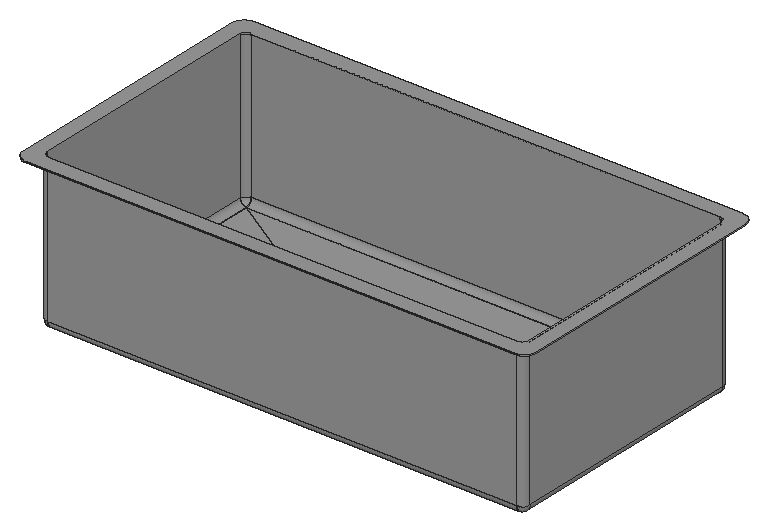
Revit family "BUILDMAT-SNA01007-Marissa-810-Stainless-Steel", category Plumbing Fixtures, host Face, Revit 2020
Family settings
  Host = Face
  Round Connector Dimension = Use Diameter
  Part Type = Normal
  Cut with Voids When Loaded = No
  Shared = No
  Room Calculation Point = No
Parameters (values of type "Marissa 810x450x250mm")
  Width = 760.0 mm
  Undermount [instance] = 0.0 mm
  URL = "https://www.buildmat.com.au/products/810x450x230-single-bowl-sink"
  Side Sound Pad = yes
  Side Brackets = yes
  Model = "SNA01007"  # constant formula
  Middle Sound Pad = no
  Middle Bracket = yes
  Manufacturer URL = "https://www.buildmat.com.au/"
  Manufacturer = "BUILDMAT"  # constant formula
  Length = 400.0 mm
  Description = "BUILDMAT - Marissa 810x450 XLarge Single Bowl Sink"  # constant formula
  Depth = 250.0 mm
  Default Elevation = 1219.2 mm
  Created By URL = "https://www.buildmat.com.au/"
  Created By = "BUILDMAT"  # constant formula
  Created = "22.06.2022"  # constant formula
  Material = BUILDMAT Stainless Steel
Reference planes
  plane 1 "Center (Front/Back)": y = 0
  plane 2: z = 0
  plane 3 "Center (Left/Right)": x = 0
  plane 4 "Top Substrate": z = 0
  plane 5 "Left": x = -380
  plane 6 "Right": x = 380
  plane 7 "Back": y = 200
  plane 8 "Front": y = -200
  plane 9: x = -405
  plane 10: x = 405
  plane 11: y = -225
  plane 12: y = 225
  plane 13 "Bottom Void": z = -250
  plane 14: z = 1.5
  plane 15: x = -381.5
  plane 16: y = -201.5
  plane 17: x = 381.5
  plane 18: y = 201.5
  plane 19: z = -240
  plane 20: z = -230
  plane 21: x = -370
  plane 22: x = 370
  plane 23: y = -190
  plane 24: y = 190
  plane 25: z = -245
  plane 26: z = -241.5
  plane 27: z = -246.5
  plane 28: x = -100
  plane 29: x = 100
  plane 30 "Sound Pad": z = -130
  plane 31 "Front Bracket": y = -100
  plane 32 "Back Bracket": y = 100
  plane 33: x = -280
  plane 34: x = 280
  plane 35: x = -57
  plane 36: x = 57
  plane 37: x = -45
  plane 38: x = 45
Forms (mm)
  Extrusion 1, void
    sketch origin (0, 0, 0) x (1, 0, 0) y (0, 1, 0)
      loop
        arc (-370, 200) -> (-377.071, 197.071) -> (-380, 190) r 10
        line (-380, 190) -> (-380, -190)
        arc (-380, -190) -> (-377.071, -197.071) -> (-370, -200) r 10
        line (-370, -200) -> (370, -200)
        arc (370, -200) -> (377.071, -197.071) -> (380, -190) r 10
        line (380, -190) -> (380, 190)
        arc (380, 190) -> (377.071, 197.071) -> (370, 200) r 10
        line (370, 200) -> (-370, 200)
    from 0 to 1.5
  Extrusion 2, void
    sketch origin (0, 0, 0) x (1, 0, 0) y (0, 1, 0)
      loop
        line (-381.5, 201.5) -> (-381.5, -201.5) -> (381.5, -201.5) -> (381.5, 201.5) -> (-381.5, 201.5)
    from 0 to -250
  Extrusion 3, void
    sketch origin (0, 0, 0) x (1, 0, 0) y (0, 1, 0)
      loop
        arc (-385, 225) -> (-399.142, 219.142) -> (-405, 205) r 20
        line (-405, 205) -> (-405, -205)
        arc (-405, -205) -> (-399.142, -219.142) -> (-385, -225) r 20
        line (-385, -225) -> (385, -225)
        arc (385, -225) -> (399.142, -219.142) -> (405, -205) r 20
        line (405, -205) -> (405, 205)
        arc (405, 205) -> (399.142, 219.142) -> (385, 225) r 20
        line (385, 225) -> (-385, 225)
    from 1.5 to 0
  Extrusion 4, solid, material "BUILDMAT Stainless Steel" <- "Material"
    sketch origin (0, 0, 0) x (-1, 0, 0) y (0, -1, 0)
      loop
        arc (385, -225) -> (399.142, -219.142) -> (405, -205) r 20
        line (405, -205) -> (405, 205)
        arc (405, 205) -> (399.142, 219.142) -> (385, 225) r 20
        line (385, 225) -> (-385, 225)
        arc (-385, 225) -> (-399.142, 219.142) -> (-405, 205) r 20
        line (-405, 205) -> (-405, -205)
        arc (-405, -205) -> (-399.142, -219.142) -> (-385, -225) r 20
        line (-385, -225) -> (385, -225)
      loop
        arc (370, -200) -> (377.071, -197.071) -> (380, -190) r 10
        line (380, -190) -> (380, 190)
        arc (380, 190) -> (377.071, 197.071) -> (370, 200) r 10
        line (370, 200) -> (-370, 200)
        arc (-370, 200) -> (-377.071, 197.071) -> (-380, 190) r 10
        line (-380, 190) -> (-380, -190)
        arc (-380, -190) -> (-377.071, -197.071) -> (-370, -200) r 10
        line (-370, -200) -> (370, -200)
    from 0 to 1.5
  Extrusion 5, solid, material "BUILDMAT Stainless Steel" <- "Material"
    sketch origin (0, 0, 0) x (-1, 0, 0) y (0, -1, 0)
      loop
        arc (370, -201.5) -> (378.132, -198.132) -> (381.5, -190) r 11.5
        line (381.5, -190) -> (381.5, 190)
        arc (381.5, 190) -> (378.132, 198.132) -> (370, 201.5) r 11.5
        line (370, 201.5) -> (-370, 201.5)
        arc (-370, 201.5) -> (-378.132, 198.132) -> (-381.5, 190) r 11.5
        line (-381.5, 190) -> (-381.5, -190)
        arc (-381.5, -190) -> (-378.132, -198.132) -> (-370, -201.5) r 11.5
        line (-370, -201.5) -> (370, -201.5)
      loop
        arc (-370, 200) -> (-377.071, 197.071) -> (-380, 190) r 10
        line (-380, 190) -> (-380, -190)
        arc (-380, -190) -> (-377.071, -197.071) -> (-370, -200) r 10
        line (-370, -200) -> (370, -200)
        arc (370, -200) -> (377.071, -197.071) -> (380, -190) r 10
        line (380, -190) -> (380, 190)
        arc (380, 190) -> (377.071, 197.071) -> (370, 200) r 10
        line (370, 200) -> (-370, 200)
    from 0 to -230
  Revolve 6, solid, material "BUILDMAT Stainless Steel" <- "Material"
    sketch origin (-175.162, 190, 1219.2) x (-1, 0, 0) y (0, 0, 1)
      loop
        line (-555.162, -1449.2) -> (-556.662, -1449.2)
        arc (-556.662, -1449.2) -> (-553.293, -1457.332) -> (-545.162, -1460.7) r 11.5
        line (-545.162, -1460.7) -> (-545.162, -1459.2)
        arc (-545.162, -1459.2) -> (-552.233, -1456.271) -> (-555.162, -1449.2) r 10
      axis (-545.162, -1460.7) -> (-545.162, -1449.2)
    angle from 0 to -90
  Revolve 7, solid, material "BUILDMAT Stainless Steel" <- "Material"
    sketch origin (-175.162, 190, 1219.2) x (-1, 0, 0) y (0, 0, 1)
      loop
        arc (204.838, -1449.2) -> (201.909, -1456.271) -> (194.838, -1459.2) r 10
        line (194.838, -1459.2) -> (194.838, -1460.7)
        arc (194.838, -1460.7) -> (202.97, -1457.332) -> (206.338, -1449.2) r 11.5
        line (206.338, -1449.2) -> (204.838, -1449.2)
      axis (194.838, -1449.2) -> (194.838, -1460.7)
    angle from 0 to -90
  Revolve 8, solid, material "BUILDMAT Stainless Steel" <- "Material"
    sketch origin (-175.162, -190, 1219.2) x (-1, 0, 0) y (0, 0, 1)
      loop
        arc (204.838, -1449.2) -> (201.909, -1456.271) -> (194.838, -1459.2) r 10
        line (194.838, -1459.2) -> (194.838, -1460.7)
        arc (194.838, -1460.7) -> (202.97, -1457.332) -> (206.338, -1449.2) r 11.5
        line (206.338, -1449.2) -> (204.838, -1449.2)
      axis (194.838, -1449.2) -> (194.838, -1460.7)
    angle from 0 to 90
  Revolve 9, solid, material "BUILDMAT Stainless Steel" <- "Material"
    sketch origin (-175.162, -190, 1219.2) x (-1, 0, 0) y (0, 0, 1)
      loop
        line (-555.162, -1449.2) -> (-556.662, -1449.2)
        arc (-556.662, -1449.2) -> (-553.293, -1457.332) -> (-545.162, -1460.7) r 11.5
        line (-545.162, -1460.7) -> (-545.162, -1459.2)
        arc (-545.162, -1459.2) -> (-552.233, -1456.271) -> (-555.162, -1449.2) r 10
      axis (-545.162, -1449.2) -> (-545.162, -1460.7)
    angle from 0 to 90
  Extrusion 10, solid, material "BUILDMAT Stainless Steel" <- "Material"
    sketch origin (0, 0, 0) x (1, 0, 0) y (0, 0, 1)
      loop
        line (-380, -230) -> (-381.5, -230)
        arc (-381.5, -230) -> (-378.132, -238.132) -> (-370, -241.5) r 11.5
        line (-370, -241.5) -> (-370, -240)
        arc (-370, -240) -> (-377.071, -237.071) -> (-380, -230) r 10
    from -190 to 190
  Extrusion 11, solid, material "BUILDMAT Stainless Steel" <- "Material"
    sketch origin (0, 0, 0) x (1, 0, 0) y (0, 0, 1)
      loop
        arc (380, -230) -> (377.071, -237.071) -> (370, -240) r 10
        line (370, -240) -> (370, -241.5)
        arc (370, -241.5) -> (378.132, -238.132) -> (381.5, -230) r 11.5
        line (381.5, -230) -> (380, -230)
    from -190 to 190
  Extrusion 12, solid, material "BUILDMAT Stainless Steel" <- "Material"
    sketch origin (0, 0, 0) x (0, 1, 0) y (0, 0, 1)
      loop
        arc (200, -230) -> (197.071, -237.071) -> (190, -240) r 10
        line (190, -240) -> (190, -241.5)
        arc (190, -241.5) -> (198.132, -238.132) -> (201.5, -230) r 11.5
        line (201.5, -230) -> (200, -230)
    from -370 to 370
  Extrusion 13, solid, material "BUILDMAT Stainless Steel" <- "Material"
    sketch origin (0, 0, 0) x (0, 1, 0) y (0, 0, 1)
      loop
        line (-200, -230) -> (-201.5, -230)
        arc (-201.5, -230) -> (-198.132, -238.132) -> (-190, -241.5) r 11.5
        line (-190, -241.5) -> (-190, -240)
        arc (-190, -240) -> (-197.071, -237.071) -> (-200, -230) r 10
    from -370 to 370
  Revolve 14, solid, material "BUILDMAT Stainless Steel" <- "Material"
    sketch origin (0, 0, 0) x (1, 0, 0) y (0, 0, 1)
      loop
        line (-45, -250) -> (-45, -248.5)
        spline (-45, -248.5) -> (-46.484, -248.459) -> (-47.939, -248.339) -> (-49.337, -248.141) -> (-50.649, -247.871) -> (-51.848, -247.537) -> (-52.908, -247.151) -> (-53.805, -246.726) -> (-54.514, -246.283) -> (-55.023, -245.856) -> (-55.329, -245.483) -> (-55.468, -245.202) -> (-55.5, -245)
        line (-55.5, -245) -> (-57, -245)
        spline (-57, -245) -> (-56.897, -245.653) -> (-56.591, -246.294) -> (-56.087, -246.913) -> (-55.392, -247.5) -> (-54.52, -248.044) -> (-53.485, -248.536) -> (-52.305, -248.967) -> (-51, -249.33) -> (-49.592, -249.619) -> (-48.106, -249.83) -> (-46.566, -249.957) -> (-45, -250)
      axis (0, -245) -> (0, -250)
    angle from 0 to 360
  Blend 15, solid, material "BUILDMAT Stainless Steel" <- "Material"
    base sketch origin (0, 0, 0) x (-1, 0, 0) y (0, -1, 0)
      loop
        circle (0, 0) r 57
    top sketch origin (0, 0, 0) x (-1, 0, 0) y (0, -1, 0)
      loop
        line (370, -190) -> (370, 190) -> (-370, 190) -> (-370, -190) -> (370, -190)
    from -246.5 to -241.5
  Blend 16, void
    base sketch origin (0, 0, 0) x (-1, 0, 0) y (0, -1, 0)
      loop
        circle (0, 0) r 57
    top sketch origin (0, 0, 0) x (-1, 0, 0) y (0, -1, 0)
      loop
        line (370, -190) -> (370, 190) -> (-370, 190) -> (-370, -190) -> (370, -190)
    from -245 to -240
  Extrusion 17, solid, material "BUILDMAT Stainless Steel" <- "Material"
    sketch origin (0, 0, 0) x (-1, 0, 0) y (0, -1, 0)
      loop
        line (370, -190) -> (370, 190) -> (-370, 190) -> (-370, -190) -> (370, -190)
    from -241.5 to -240
  Extrusion 18, void
    sketch origin (0, 0, 0) x (-1, 0, 0) y (0, -1, 0)
      loop
        circle (0, 0) r 57
    from -250 to -230
Cuts and joins
  joined: Extrusion 4, Extrusion 5
  joined: Revolve 6, Revolve 9
  joined: Revolve 7, Revolve 8
  Blend 16, Extrusion 18 cuts Blend 15
  Blend 16, Extrusion 18 cuts Extrusion 17
  joined: Blend 15, Extrusion 17
Lines and regions (mm)
  Masking region 1
    outline origin (0, 0, 0) x (1, 0, 0) y (0, 0, 1)
      loop
        line (380, 0) -> (-380, 0) -> (-380, -230)
        arc (-380, -230) -> (-377.071, -237.071) -> (-370, -240) r 10
        line (-370, -240) -> (-57, -245) -> (57, -245) -> (370, -240)
        arc (370, -240) -> (377.071, -237.071) -> (380, -230) r 10
        line (380, -230) -> (380, 0)
  Masking region 2
    outline origin (0, 0, 0) x (1, 0, 0) y (0, 0, 1)
      loop
        line (-100, -245.813) -> (-100, -250) -> (-57, -250) -> (-57, -246.5) -> (-100, -245.813)
  Masking region 3
    outline origin (0, 0, 0) x (1, 0, 0) y (0, 0, 1)
      loop
        line (57, -246.5) -> (57, -250) -> (100, -250) -> (100, -245.813) -> (57, -246.5)
Text (mm)
  text "Refer to www.buildmat.com.au for the most current product literature. \nAllow a +/- 5mm tolerance for dimensions shown in the product literature. \nPlease note product details are subject to change due to ongoing product development." at (0.056, -1035.857, 0), in view "Ref. Level"
Dimensions and locks
  "Undermount": plane 2 to plane 4 "Top Substrate"
  equal spacing: plane 5 "Left", plane 3 "Center (Left/Right)", plane 6 "Right"
  "Width": plane 5 "Left" to plane 6 "Right"
  "Length": plane 7 "Back" to plane 8 "Front"
  equal spacing: plane 7 "Back", plane 1 "Center (Front/Back)", plane 8 "Front"
  locked: plane 12 to plane 7 "Back" at 25
  locked: plane 8 "Front" to plane 11 at 25
  locked: plane 9 to plane 5 "Left" at 25
  locked: plane 6 "Right" to plane 10 at 25
  "Depth": plane 4 "Top Substrate" to plane 13 "Bottom Void"
  locked: plane 14 to plane 4 "Top Substrate" at 1.5
  locked: plane 18 to plane 7 "Back" at 1.5
  locked: plane 8 "Front" to plane 16 at 1.5
  plane 15 to plane 5 "Left" = 1.5 mm
  plane 6 "Right" to plane 17 = 1.5 mm
  plane 20 to plane 19 to plane 13 "Bottom Void" = 10.0 mm, 10.0 mm
  locked: plane 5 "Left" to plane 21 at 10
  locked: plane 22 to plane 6 "Right" at 10
  locked: plane 7 "Back" to plane 24 at 10
  locked: plane 23 to plane 8 "Front" at 10
  locked: plane 19 to plane 26 at 1.5
  locked: plane 25 to plane 13 "Bottom Void" at 5
  locked: plane 25 to plane 27 at 1.5
  plane 29 to plane 3 "Center (Left/Right)" to plane 28 = 100.0 mm locked, 100.0 mm locked
  locked: plane 30 "Sound Pad" to plane 13 "Bottom Void" at 120
  locked: plane 7 "Back" to plane 32 "Back Bracket" at 100
  locked: plane 31 "Front Bracket" to plane 8 "Front" at 100
  locked: plane 33 to plane 5 "Left" at 100
  locked: plane 6 "Right" to plane 34 at 100
  equal spacing: plane 3 "Center (Left/Right)", nested 15, plane 33
  equal spacing: plane 34, nested 16, plane 3 "Center (Left/Right)"
  plane 37 to plane 3 "Center (Left/Right)" to plane 38 = 45.0 mm locked, 45.0 mm locked
  plane 35 to plane 3 "Center (Left/Right)" to plane 36 = 57.0 mm locked, 57.0 mm locked
  aligned and locked: plane 2 to host face
  aligned and locked: level to host face
  aligned and locked: plane 8 "Front" to Extrusion 1 sketch curve
  aligned and locked: Extrusion 1 sketch curve to plane 7 "Back"
  aligned and locked: plane 5 "Left" to Extrusion 1 sketch curve
  aligned and locked: Extrusion 1 sketch curve to plane 6 "Right"
  aligned and locked: plane 2 to Extrusion 1
  aligned and locked: plane 14 to Extrusion 1
  aligned and locked: Extrusion 2 sketch curve to plane 16
  aligned and locked: Extrusion 2 sketch curve to plane 18
  aligned and locked: plane 15 to Extrusion 2 sketch curve
  aligned and locked: plane 17 to Extrusion 2 sketch curve
  aligned and locked: Extrusion 2 to plane 13 "Bottom Void"
  aligned and locked: plane 4 "Top Substrate" to Extrusion 2
  aligned and locked: Extrusion 3 sketch curve to plane 11
  aligned and locked: plane 9 to Extrusion 3 sketch curve
  aligned and locked: Extrusion 3 sketch curve to plane 10
  aligned and locked: Extrusion 3 sketch curve to plane 12
  aligned and locked: Extrusion 3 to plane 4 "Top Substrate"
  aligned and locked: Extrusion 3 to plane 14
  aligned and locked: Extrusion 4 sketch curve to plane 11
  aligned and locked: Extrusion 4 sketch curve to plane 12
  aligned and locked: plane 9 to Extrusion 4 sketch curve
  aligned and locked: Extrusion 4 sketch curve to plane 10
  aligned and locked: plane 5 "Left" to Extrusion 4 sketch curve
  aligned and locked: Extrusion 4 sketch curve to plane 6 "Right"
  aligned and locked: Extrusion 4 sketch curve to plane 7 "Back"
  aligned and locked: plane 8 "Front" to Extrusion 4 sketch curve
  aligned and locked: Extrusion 5 sketch curve to plane 7 "Back"
  aligned and locked: plane 5 "Left" to Extrusion 5 sketch curve
  aligned and locked: Extrusion 5 sketch curve to plane 6 "Right"
  aligned and locked: plane 8 "Front" to Extrusion 5 sketch curve
  aligned and locked: plane 15 to Extrusion 5 sketch curve
  aligned and locked: Extrusion 5 sketch curve to plane 16
  aligned and locked: plane 17 to Extrusion 5 sketch curve
  aligned and locked: Extrusion 5 sketch curve to plane 18
  aligned and locked: Extrusion 5 to plane 20
  aligned and locked: plane 4 "Top Substrate" to Extrusion 5
  aligned and locked: Extrusion 11 to plane 23
  aligned and locked: plane 24 to Extrusion 11
  aligned and locked: plane 24 to Extrusion 10
  aligned and locked: Extrusion 10 to plane 23
  aligned and locked: Extrusion 13 to plane 21
  aligned and locked: plane 22 to Extrusion 13
  aligned and locked: plane 22 to Extrusion 12
  aligned and locked: Extrusion 12 to plane 21
  aligned and locked: plane 21 to Blend 15 sketch curve
  aligned and locked: Blend 15 sketch curve to plane 22
  aligned and locked: Blend 15 sketch curve to plane 23
  aligned and locked: Blend 15 sketch curve to plane 24
  aligned and locked: plane 27 to Blend 15
  aligned and locked: Blend 15 to plane 26
  aligned and locked: Blend 16 sketch curve to plane 24
  aligned and locked: plane 21 to Blend 16 sketch curve
  aligned and locked: Blend 16 sketch curve to plane 22
  aligned and locked: Blend 16 sketch curve to plane 23
  aligned and locked: Blend 16 to plane 25
  aligned and locked: Blend 16 to plane 19
  aligned and locked: Extrusion 17 sketch curve to plane 24
  aligned and locked: Extrusion 17 sketch curve to plane 23
  aligned and locked: plane 21 to Extrusion 17 sketch curve
  aligned and locked: Extrusion 17 sketch curve to plane 22
  aligned and locked: Extrusion 17 to plane 26
  aligned and locked: Extrusion 17 to plane 19
  aligned and locked: Extrusion 18 to plane 13 "Bottom Void"
  aligned and locked: plane 20 to Extrusion 18
  aligned and locked: cut or joined group of Blend 15, Blend 16, Extrusion 17, Extrusion 18 to Masking region 2 sketch curve
  aligned and locked: Masking region 3 sketch curve to cut or joined group of Blend 15, Blend 16, Extrusion 17, Extrusion 18
  aligned and locked: plane 3 "Center (Left/Right)" to nested 1
  aligned and locked: nested 1 to plane 4 "Top Substrate"
  aligned and locked: plane 3 "Center (Left/Right)" to nested 2
  aligned and locked: nested 2 to plane 30 "Sound Pad"
  aligned and locked: nested 3 to plane 18
  aligned and locked: plane 3 "Center (Left/Right)" to nested 3
  aligned and locked: plane 16 to nested 4
  aligned and locked: nested 4 to plane 3 "Center (Left/Right)"
  aligned and locked: plane 31 "Front Bracket" to nested 6
  aligned and locked: plane 15 to nested 6
  aligned and locked: plane 31 "Front Bracket" to nested 8
  aligned and locked: plane 17 to nested 8
  aligned and locked: plane 32 "Back Bracket" to nested 7
  aligned and locked: plane 17 to nested 7
  aligned and locked: plane 32 "Back Bracket" to nested 5
  aligned and locked: plane 15 to nested 5
  aligned and locked: nested 9 to plane 4 "Top Substrate"
  aligned and locked: nested 9 to plane 33
  aligned and locked: nested 10 to plane 4 "Top Substrate"
  aligned and locked: nested 10 to plane 34
  aligned and locked: nested 13 to plane 33
  aligned and locked: nested 14 to plane 34
  aligned and locked: plane 16 to nested 13
  aligned and locked: nested 14 to plane 16
  aligned and locked: plane 33 to nested 11
  aligned and locked: nested 11 to plane 18
  aligned and locked: plane 34 to nested 12
  aligned and locked: plane 18 to nested 12
  aligned and locked: nested 15 to plane 30 "Sound Pad"
  aligned and locked: nested 16 to plane 30 "Sound Pad"
  aligned and locked: nested 17 to plane 23
  aligned and locked: nested 17 to plane 24
  aligned and locked: plane 22 to nested 17
  aligned and locked: plane 21 to nested 17
  aligned and locked: plane 3 "Center (Left/Right)" to nested 18
  aligned and locked: plane 1 "Center (Front/Back)" to nested 18
  aligned and locked: plane 4 "Top Substrate" to Masking region 1
Automatic sketch dimensions
  host sketch curve to host sketch curve = 2438.4 mm  (x2)
  plane 5 "Left" to Extrusion 1 sketch curve = 10.0 mm  (x2)
  Extrusion 1 sketch curve to plane 6 "Right" = 10.0 mm  (x2)
  Extrusion 4 sketch curve to plane 10 = 20.0 mm  (x2)
  Extrusion 4 sketch curve to Extrusion 4 sketch curve = 10.0 mm  (x2)
  plane 5 "Left" to Extrusion 4 sketch curve = 10.0 mm
  plane 9 to Extrusion 4 sketch curve = 20.0 mm
  plane 8 "Front" to Extrusion 4 sketch curve = 10.0 mm
  plane 11 to Extrusion 4 sketch curve = 20.0 mm
  Extrusion 3 sketch curve to plane 5 "Left" = 5.0 mm
  plane 6 "Right" to Extrusion 3 sketch curve = 5.0 mm  (x2)
  plane 7 "Back" to Extrusion 3 sketch curve = 5.0 mm
  plane 5 "Left" to Extrusion 5 sketch curve = 10.0 mm
  Extrusion 5 sketch curve to plane 6 "Right" = 10.0 mm
  plane 8 "Front" to Extrusion 5 sketch curve = 10.0 mm
  Extrusion 5 sketch curve to plane 7 "Back" = 10.0 mm
  Extrusion 5 sketch curve to Extrusion 5 sketch curve = 0.0 mm  (x4)
  Revolve 6 sketch curve to Revolve 6 sketch curve = 0.0 mm  (x3)
  plane 17 to Revolve 6 sketch curve = 0.0 mm
  Revolve 6 sketch curve to plane 6 "Right" = 0.0 mm
  Revolve 6 sketch curve to plane 22 = 0.0 mm  (x2)
  Revolve 6 sketch curve to plane 19 = 0.0 mm
  Revolve 6 sketch curve to plane 20 = 0.0 mm
  Revolve 7 sketch curve to Revolve 7 sketch curve = 0.0 mm  (x3)
  Revolve 7 sketch curve to plane 20 = 0.0 mm  (x2)
  Revolve 7 sketch curve to plane 21 = 0.0 mm  (x2)
  Revolve 7 sketch curve to plane 5 "Left" = 0.0 mm
  Revolve 7 sketch curve to plane 15 = 0.0 mm
  Revolve 8 sketch curve to Revolve 8 sketch curve = 0.0 mm  (x3)
  Revolve 8 sketch curve to plane 20 = 0.0 mm  (x2)
  Revolve 8 sketch curve to plane 21 = 0.0 mm  (x2)
  Revolve 8 sketch curve to plane 5 "Left" = 0.0 mm
  Revolve 8 sketch curve to plane 15 = 0.0 mm
  Revolve 9 sketch curve to Revolve 9 sketch curve = 0.0 mm  (x3)
  plane 17 to Revolve 9 sketch curve = 0.0 mm
  Revolve 9 sketch curve to plane 6 "Right" = 0.0 mm
  Revolve 9 sketch curve to plane 22 = 0.0 mm  (x2)
  Revolve 9 sketch curve to plane 20 = 0.0 mm
  Revolve 9 sketch curve to plane 19 = 0.0 mm
  Extrusion 10 sketch curve to plane 15 = 0.0 mm
  Extrusion 10 sketch curve to plane 5 "Left" = 0.0 mm
  Extrusion 10 sketch curve to plane 19 = 0.0 mm
  Extrusion 10 sketch curve to plane 21 = 0.0 mm
  Extrusion 11 sketch curve to plane 20 = 0.0 mm
  Extrusion 11 sketch curve to plane 22 = 0.0 mm
  Extrusion 11 sketch curve to plane 6 "Right" = 0.0 mm
  plane 17 to Extrusion 11 sketch curve = 0.0 mm
  Extrusion 12 sketch curve to plane 20 = 0.0 mm
  Extrusion 12 sketch curve to plane 24 = 0.0 mm
  Extrusion 12 sketch curve to plane 7 "Back" = 0.0 mm
  Extrusion 12 sketch curve to plane 18 = 0.0 mm
  Extrusion 13 sketch curve to plane 16 = 0.0 mm
  Extrusion 13 sketch curve to plane 8 "Front" = 0.0 mm
  Extrusion 13 sketch curve to plane 23 = 0.0 mm
  Extrusion 13 sketch curve to plane 19 = 0.0 mm
  Revolve 14 sketch curve to plane 25 = 0.0 mm
  Revolve 14 sketch curve to plane 13 "Bottom Void" = 0.0 mm  (x2)
  Revolve 14 sketch curve to plane 3 "Center (Left/Right)" = 0.0 mm
  Revolve 14 sketch curve to plane 20 = 0.0 mm
  Revolve 14 sketch curve to plane 3 "Center (Left/Right)" = 45.0 mm
  Revolve 14 sketch curve to Revolve 14 sketch curve = 10.5 mm
  Revolve 14 sketch curve to Revolve 14 sketch curve = 1.5 mm  (x2)
  Revolve 14 sketch curve to Revolve 14 sketch curve = 0.0 mm
  plane 1 "Center (Front/Back)" to Blend 15 sketch curve = 0.0 mm
  Blend 15 sketch curve to plane 3 "Center (Left/Right)" = 0.0 mm
  plane 1 "Center (Front/Back)" to Blend 16 sketch curve = 0.0 mm
  Blend 16 sketch curve to plane 3 "Center (Left/Right)" = 0.0 mm
  plane 1 "Center (Front/Back)" to Extrusion 18 sketch curve = 0.0 mm
  Extrusion 18 sketch curve to plane 3 "Center (Left/Right)" = 0.0 mm
  Masking region 1 sketch curve to level = 0.0 mm
  Masking region 1 sketch curve to plane 20 = 0.0 mm
  Masking region 1 sketch curve to plane 21 = 0.0 mm
  Masking region 1 sketch curve to plane 25 = 0.0 mm
  Masking region 1 sketch curve to plane 3 "Center (Left/Right)" = 57.0 mm
  plane 3 "Center (Left/Right)" to Masking region 1 sketch curve = 57.0 mm
  Masking region 1 sketch curve to plane 19 = 0.0 mm
  Masking region 1 sketch curve to plane 22 = 0.0 mm
  Masking region 1 sketch curve to plane 6 "Right" = 0.0 mm
  Masking region 1 sketch curve to plane 5 "Left" = 0.0 mm
  Masking region 2 sketch curve to plane 28 = 0.0 mm
  Masking region 2 sketch curve to plane 13 "Bottom Void" = 0.0 mm
  Masking region 2 sketch curve to plane 27 = 0.0 mm
  Masking region 3 sketch curve to plane 27 = 0.0 mm
  Masking region 3 sketch curve to plane 13 "Bottom Void" = 0.0 mm
  Masking region 3 sketch curve to plane 29 = 0.0 mm
  radius of Blend 15 sketch curve = 57.0 mm
  radius of Blend 16 sketch curve = 57.0 mm
  radius of Extrusion 18 sketch curve = 57.0 mm
Nested families
  nested 1: "TMB_Front" at (0, 0, 0) x (1, 0, 0) z (0, -1, 0), visible <- "Middle Bracket", type "TMB_Front"
  nested 2: "SP_Front" at (0, 0, -130) x (1, 0, 0) z (0, -1, 0), visible <- "Middle Sound Pad", type "SP_Front"
  nested 3: "TMB_Plan" at (0, 201.5, 0), visible <- "Middle Bracket", type "TMB_Plan"
  nested 4: "TMB_Plan" at (0, -201.5, 0) x (-1, 0, 0) z (0, 0, 1), visible <- "Middle Bracket", type "TMB_Plan"
  nested 5: "TMB_Plan" at (-381.5, 100, 0) x (0, 1, 0) z (0, 0, 1), type "TMB_Plan"
  nested 6: "TMB_Plan" at (-381.5, -100, 0) x (0, 1, 0) z (0, 0, 1), type "TMB_Plan"
  nested 7: "TMB_Plan" at (381.5, 100, 0) x (0, -1, 0) z (0, 0, 1), type "TMB_Plan"
  nested 8: "TMB_Plan" at (381.5, -100, 0) x (0, -1, 0) z (0, 0, 1), type "TMB_Plan"
  nested 9: "TMB_Front" at (-280, 0, 0) x (1, 0, 0) z (0, -1, 0), visible <- "Side Brackets", type "TMB_Front"
  nested 10: "TMB_Front" at (280, 0, 0) x (1, 0, 0) z (0, -1, 0), visible <- "Side Brackets", type "TMB_Front"
  nested 11: "TMB_Plan" at (-280, 201.5, 0), visible <- "Side Brackets", type "TMB_Plan"
  nested 12: "TMB_Plan" at (280, 201.5, 0), visible <- "Side Brackets", type "TMB_Plan"
  nested 13: "TMB_Plan" at (-280, -201.5, 0) x (-1, 0, 0) z (0, 0, 1), visible <- "Side Brackets", type "TMB_Plan"
  nested 14: "TMB_Plan" at (280, -201.5, 0) x (-1, 0, 0) z (0, 0, 1), visible <- "Side Brackets", type "TMB_Plan"
  nested 15: "SP_Front" at (-140, 0, -130) x (1, 0, 0) z (0, -1, 0), visible <- "Side Sound Pad", type "SP_Front"
  nested 16: "SP_Front" at (140, 0, -130) x (1, 0, 0) z (0, -1, 0), visible <- "Side Sound Pad", type "SP_Front"
  nested 17: "BOWL Plan" at (0, 0, -130), type "BOWL Plan"
    with Width 740.0 mm, Lenght 380.0 mm
  nested 18: "DRAIN" at (0, 0, 0), type "DRAIN"
Definition of nested family "TMB_Front"
  Reference planes
    plane 1 "Center (Elevation)": y = 0
    plane 2: z = 0
    plane 3 "Center (Left/Right)": x = 0
  Lines and regions (mm)
    Masking region 1, in view "Ref. Level"
      outline origin (0, 0, 0) x (1, 0, 0) y (0, 1, 0)
        loop
          line (-17.5, 0) -> (-17.5, -80) -> (17.5, -80) -> (17.5, 0) -> (-17.5, 0)
    detail lines, in view "Ref. Level"
      curve 1: line (-17.5, 0, 0) -> (-17.5, -80, 0)
      curve 2: line (-17.5, -80, 0) -> (17.5, -80, 0)
      curve 3: line (17.5, -80, 0) -> (17.5, 0, 0)
      curve 4: line (-12.5, -50, 0) -> (12.5, -50, 0)
      curve 5: line (-12.5, -75, 0) -> (-12.5, -50, 0)
      curve 6: line (12.5, -75, 0) -> (-12.5, -75, 0)
      curve 7: line (12.5, -50, 0) -> (12.5, -75, 0)
Definition of nested family "SP_Front"
  Reference planes
    plane 1 "Center (Elevation)": y = 0
    plane 2: z = 0
    plane 3 "Center (Left/Right)": x = 0
  Lines and regions (mm)
    Masking region 1, in view "Ref. Level"
      outline origin (0, 0, 0) x (1, 0, 0) y (0, 1, 0)
        loop
          arc (-50, 40) -> (-57.071, 37.071) -> (-60, 30) r 10
          line (-60, 30) -> (-60, -30)
          arc (-60, -30) -> (-57.071, -37.071) -> (-50, -40) r 10
          line (-50, -40) -> (50, -40)
          arc (50, -40) -> (57.071, -37.071) -> (60, -30) r 10
          line (60, -30) -> (60, 30)
          arc (60, 30) -> (57.071, 37.071) -> (50, 40) r 10
          line (50, 40) -> (-50, 40)
    detail lines, in view "Ref. Level"
      curve 1: line (-50, 40, 0) -> (50, 40, 0)
      curve 2: line (50, -40, 0) -> (-50, -40, 0)
      curve 3: line (60, 30, 0) -> (60, -30, 0)
      curve 4: line (-60, 30, 0) -> (-60, -30, 0)
      curve 5: arc (-50, 40, 0) -> (-57.071, 37.071, 0) -> (-60, 30, 0) r 10
      curve 6: arc (-60, -30, 0) -> (-57.071, -37.071, 0) -> (-50, -40, 0) r 10
      curve 7: arc (50, -40, 0) -> (57.071, -37.071, 0) -> (60, -30, 0) r 10
      curve 8: arc (60, 30, 0) -> (57.071, 37.071, 0) -> (50, 40, 0) r 10
  Dimensions and locks
    aligned and locked: Masking region 1 sketch curve to curve 1
    aligned and locked: Masking region 1 sketch curve to curve 4
    aligned and locked: Masking region 1 sketch curve to curve 2
    aligned and locked: Masking region 1 sketch curve to curve 3
Definition of nested family "TMB_Plan"
  Reference planes
    plane 1 "Center (Front/Back)": y = 0
    plane 2: z = 0
    plane 3 "Center (Left/Right)": x = 0
  Lines and regions (mm)
    detail lines, in view "Ref. Level"
      curve 1: line (-17.5, 0, 0) -> (17.5, 0, 0)
      curve 2: line (17.5, 0, 0) -> (17.5, 5, 0)
      curve 3: line (17.5, 5, 0) -> (12.5, 5, 0)
      curve 4: line (-17.5, 0, 0) -> (-17.5, 5, 0)
      curve 5: line (-17.5, 5, 0) -> (-12.5, 5, 0)
Definition of nested family "BOWL Plan"
  Parameters (values of type "BOWL Plan")
    Width [instance] = 600.0 mm
    Lenght [instance] = 400.0 mm
  Reference planes
    plane 1 "Center (Front/Back)": y = 0
    plane 2: z = 0
    plane 3 "Center (Left/Right)": x = 0
    plane 4 "Left": x = -300
    plane 5 "Right": x = 300
    plane 6 "Back": y = 200
    plane 7 "Front": y = -200
  Lines and regions (mm)
    Masking region 1, in view "Ref. Level"
      outline origin (0, 0, 0) x (1, 0, 0) y (0, 1, 0)
        loop
          line (-300, 200) -> (-300, -200) -> (300, -200) -> (300, 200) -> (-300, 200)
    detail lines, in view "Ref. Level"
      curve 1: line (-300, 200, 0) -> (300, -200, 0)
      curve 2: line (-300, -200, 0) -> (300, 200, 0)
  Dimensions and locks
    equal spacing: plane 6 "Back", plane 1 "Center (Front/Back)", plane 7 "Front"
    "Lenght": plane 6 "Back" to plane 7 "Front"
    equal spacing: plane 4 "Left", plane 3 "Center (Left/Right)", plane 5 "Right"
    "Width": plane 4 "Left" to plane 5 "Right"
    aligned and locked: plane 4 "Left" to Masking region 1 sketch curve
    aligned and locked: Masking region 1 sketch curve to plane 5 "Right"
    aligned and locked: plane 7 "Front" to Masking region 1 sketch curve
    aligned and locked: Masking region 1 sketch curve to plane 6 "Back"
  Automatic sketch dimensions
    curve 2 to plane 4 "Left" = 0.0 mm
    curve 1 to plane 4 "Left" = 0.0 mm
    curve 2 to plane 5 "Right" = 0.0 mm
    curve 1 to plane 5 "Right" = 0.0 mm
    curve 1 to plane 7 "Front" = 0.0 mm
    curve 2 to plane 7 "Front" = 0.0 mm
    curve 2 to plane 6 "Back" = 0.0 mm
    curve 1 to plane 6 "Back" = 0.0 mm
Definition of nested family "DRAIN"
  Reference planes
    plane 1 "Center (Front/Back)": y = 0
    plane 2: z = 0
    plane 3 "Center (Left/Right)": x = 0
  Lines and regions (mm)
    Masking region 1, in view "Ref. Level"
      outline origin (0, 0, 0) x (1, 0, 0) y (0, 1, 0)
        loop
          circle (0, 0) r 57
    detail lines, in view "Ref. Level"
      curve 1: circle (0, 0, 0) r 45 normal (0, 0, 1)
      curve 2: circle (0, 0, 0) r 55.5 normal (0, 0, 1)
